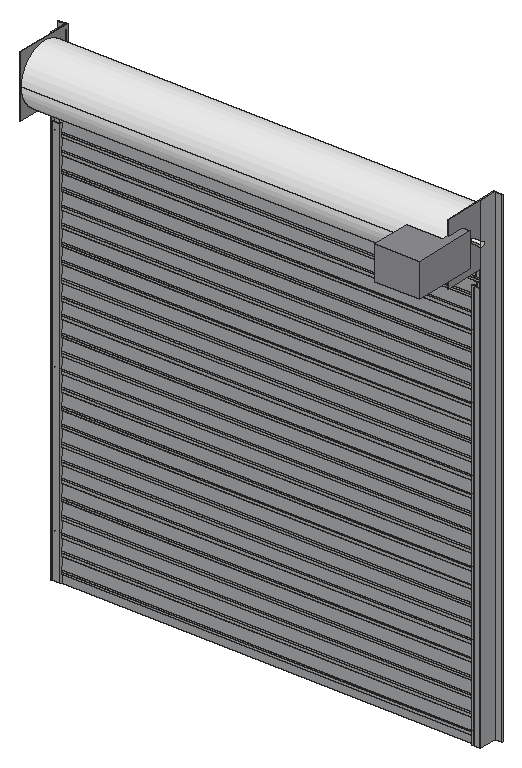
Revit family "Doors_Industrial_Overhead-Door-Corporation_Upward-Coiling-Security-Grilles-674_", category Specialty Equipment, host Wall, Revit 2019
Family settings
  Host = Wall
  Round Connector Dimension = Use Diameter
  Part Type = Normal
  OmniClass Number = 23.30.10.21.34
  OmniClass Title = Industrial Doors
  Always vertical = Yes
  Cut with Voids When Loaded = Yes
  Shared = No
  Room Calculation Point = No
Parameters (values of type "115 volts, one phase, 60 Hz (110-120V range)")
  Warning Sign [instance] = if(Calculated Area > 683.00 SF, 1 = 1, 1 = 2)  # no
  Warning (Note) [instance] = if(Warning Sign, "The Door Area is out of the limit; please adjust accordingly. The maximum allowed area is 683 sq. ft.", if(Opening Height > 360", "Headroom Clearance Dimensions - out of the limits. Consult Factory", " "))  # " "
  Wall Thickness [instance] = 6"
  Voltage = 115 V
  True Opening Width [instance] = if(Between Jambs Mounting, Door Width True, Clear Width)  # 120"
  True Opening Height [instance] = if(Between Jambs Mounting, Clear Height + Headroom Height, Clear Height)  # 120"
  M2 Value [instance] = if(Face Of Wall Mounting, 4 3/4", 5 1/2")  # 4 3/4"
  Jambs Offset 2 [instance] = if(Between Jambs Mounting, BJ Displacement Real 2 + G Value, 0")  # 0"
  Door Half 1 [instance] = if(Between Jambs Mounting, Clear Width / 2 + BJ Displacement Real 1 + G Value, Clear Width / 2 + M1 Value)  # 64 3/4"
  Curtain Type [instance] = "Perforated"  # constant formula
  Slat Length [instance] = Clear Width + G Value * 2 - 1" / 2 * 2  # 124"
  Slat Height [instance] = 14 73/256"  # constant formula
  Product Page URL = "https://www.overheaddoor.com/upward-coiling-security-grilles-674"
  Power Factor = 1
  Powder Coat (Note) = "PowderGuard® Premium powder coat finish options are available in approximately 200 colors as well as custom matching to specification. PowderGuard® Textured finish, a thicker, more scratch resistant coat, is available in 11 colors providing enhanced scratch resistance as well as aiding in hiding the dirt and blemishes that often occur in commercial environments.​"  # constant formula
  Operator Visibility = yes
  Operation (Note) [instance] = "Door could operate by manual push, crank, electrical operator or chain hoist. Manual push up and crank could be used up to 80 sf, for larger door sizes you have to use Chain Hoist operator."  # constant formula
  Opening Width Real [instance] = if(Opening Width > Max Opening Width, Max Opening Width, if(Opening Width < Min Opening Width, Min Opening Width, Opening Width))  # 120"
  Opening Width [instance] = 120"
  Opening Height Real [instance] = if(Opening Height > Max Opening Height, Max Opening Height, if(Opening Height < Min Opening Height, Min Opening Height, Opening Height))  # 120"
  Opening Height [instance] = 120"
  One Array element [instance] = not(Array Vis)  # no
  Number of Poles = 1
  Motor Type [instance] = if(Between Jambs Mounting, if(Motor Option < 2, "CDX", if(Motor Option = 2, "E-Egress", if(Motor Option = 3, "RSX Front of Hood", "RSX Top of Hood"))), if(Motor Option < 2, "CDX", if(Motor Option = 2, "E-Egress", if(Motor Option = 3, "RSX Front of Hood", if(Motor Option = 4, "RSX Top of Hood", if(Motor Option = 5, "RSX Wall Mount", "RSX Bench Mount"))))))  # "CDX"
  Motor Selection (Note) [instance] = "Generic operator shown. Contact Overhead Door when dimensions are critical. "  # constant formula
  Motor Position [instance] = M1 Value - G Value  # 2 1/4"
  Motor Option Real [instance] = if(Between Jambs Mounting, if(Motor Option < 1, 1, if(Motor Option > 4, 4, Motor Option)), if(Motor Option < 1, 1, if(Motor Option > 6, 6, Motor Option)))  # 1
  Motor Option [instance] = 1
  Min Opening Width [instance] = 76"  # constant formula
  Min Opening Height [instance] = 76"  # constant formula
  Max Opening Width [instance] = 364"  # constant formula
  Max Opening Height [instance] = 208"  # constant formula
  M1 Value [instance] = if(Face Of Wall Mounting, 4 3/4", if(Chain Hoist or Manual, 5 1/2", 9 1/2"))  # 4 3/4"
  Lookup BD (A) [instance] = if(or(Opening Height Real < 79", Opening Height Real = 79"), 15", if(or(Opening Height Real < 130", Opening Height Real = 130"), 17", if(or(Opening Height Real < 190", Opening Height Real = 190"), 19", if(or(Opening Height Real < 234", Opening Height Real = 234"), 21", if(or(Opening Height Real < 270", Opening Height Real = 270"), 23", 25")))))  # 17"
  Jambs Offset 1 [instance] = if(Between Jambs Mounting, BJ Displacement Real 1 + G Value, 0")  # 0"
  Installation Real [instance] = if(Between Jambs Mounting, if((Wall Thickness / 2 - Guid Depth / 2) < 0", 0", Wall Thickness / 2 - Guid Depth / 2), Wall Thickness)  # 6"
  Hood Type [instance] = if(Hood Option < 2, "No Hood", if(Hood Option = 2, "Square Hood", if(Hood Option = 3, "Octagon Hood", "Round Hood")))  # "No Hood"
  Hood Option [instance] = 1
  Hood Offset [instance] = if(Chain Hoist or Manual, 3", 5")  # 5"
  Hood Material [instance] = Metal - Overhead Door - Gray
  Hood Height [instance] = [Lookup HH (B)]  # 18"
  Lookup HH (B) [instance] = if(or(Opening Height Real < 79", Opening Height Real = 79"), 16", if(or(Opening Height Real < 130", Opening Height Real = 130"), 18", if(or(Opening Height Real < 190", Opening Height Real = 190"), 20", if(or(Opening Height Real < 234", Opening Height Real = 234"), 22", if(or(Opening Height Real < 270", Opening Height Real = 270"), 24", 26")))))  # 18"
  Headroom Height Real [instance] = [Lookup HH (B)] + Hood Offset  # 23"
  Headroom Height [instance] = if(Between Jambs Mounting, Headroom Height Real, if(Hood Option > 1, Headroom Height Real + 1 1/2", Headroom Height Real))  # 23"
  Guide Type [instance] = if(Between Jambs Mounting, "Angled Between Jambs Z Guide", "Angled Z Guide")  # "Angled Z Guide"
  Guide Option [instance] = if(Between Jambs Mounting, 1, 2)  # 2
  Guid Depth [instance] = if(Between Jambs Mounting, D Value + 1/4", D Value)  # 5 1/2"
  G Value [instance] = 2 1/2"  # constant formula
  Frequency = 60 Hz
  Face of Wall Offset [instance] = if(Between Jambs Mounting, 0", 5")  # 5"
  Face Of Wall Mounting [instance] = not(Between Jambs Mounting)  # yes
  Door Width True [instance] = if(Between Jambs Mounting, Clear Width + BJ Displacement Real 1 + BJ Displacement Real 2 + G Value * 2, Clear Width + M1 Value + M2 Value)  # 129 1/2"
  Door Width (Real) [instance] = if(Between Jambs Mounting, Clear Width, Clear Width + 1" / 2)  # 120 1/2"
  Door Height True [instance] = Clear Height + Headroom Height  # 143"
  Door Height (Real) [instance] = Clear Height + Hood Offset  # 125"
  URL = "https://www.overheaddoor.com/"
  Product data url = "https://www.bimobject.com/overhead-door/product/upward-coiling-security-grilles-674"
  Product Guid = "3a0baff3-2843-4a5d-9b17-2c4668db9905"
  Model = "674"  # constant formula
  Manufacturer = "Overhead Door Corporation"  # constant formula
  Wall Closure = By host
  Floor To (CL) of Shaft [instance] = Clear Height + Hood Height / 2 + Hood Offset  # 134"
  Finish Material = Metal - Overhead Door - Aluminum
  Description = "Model 674 Security Grille"  # constant formula
  D Value [instance] = 5 1/2"  # constant formula
  Curtain Material [instance] = Metal - Overhead Door - Aluminum
  Clear Width [instance] = if(Between Jambs Mounting, Opening Width Real - BJ Displacement Real 1 - BJ Displacement Real 2 - G Value * 2, Opening Width Real)  # 120"
  Clear Height [instance] = if(Between Jambs Mounting, Opening Height Real - Headroom Height, Opening Height Real)  # 120"
  Chain Hoist or Manual = no
  Current = 20 A
  Between Jambs Mounting [instance] = no
  Between Jambs Guides Offset 2 [instance] = M2 Value - G Value  # 2 1/4"
  Between Jambs Guides Offset 1 [instance] = M1 Value - G Value  # 2 1/4"
  Bar [instance] = if(and(Hood Option > 1, Face Of Wall Mounting), 1 = 1, 1 = 2)  # no
  Backroom Depth [instance] = [Lookup BD (A)]  # 17"
  BJ Opening Cut [instance] = if(Between Jambs Mounting, Headroom Height, 0")  # 0"
  BJ Displacement Real 2 [instance] = if(Between Jambs Mounting, Between Jambs Guides Offset 2, 0")  # 0"
  BJ Displacement Real 1 [instance] = if(Between Jambs Mounting, Between Jambs Guides Offset 1, 0")  # 0"
  Array Vis [instance] = if(Array < 2, 1 = 2, 1 = 1)  # yes
  Array Real [instance] = if(Array < 2, 2, Array)  # 9
  Array Length [instance] = (Array) * Slat Height  # 128 145/256"
  Array [instance] = rounddown(([Door Height (Real)] - 3") / Slat Height) + 1  # 9
  Calculated Area [instance] = [Door Width (Real)] * [Door Height (Real)]  # 104.601 SF
  Apparent Load Phase 3 = if(Number of Poles = 1, 0 VA, (Voltage * Current * sqrt(3)) / 3)  # 0 VA
  Apparent Load Phase 2 = if(Number of Poles = 1, 0 VA, (Voltage * Current * sqrt(3)) / 3)  # 0 VA
  Apparent Load Phase 1 = if(Number of Poles = 1, Voltage * Current, (Voltage * Current * sqrt(3)) / 3)  # 2300 VA
Reference planes (in)
  plane 1 "Center (Front/Back)": y = -14.625
  plane 2 "Center (Left/Right)": x = 0
  plane 3 "Left": x = -60
  plane 4 "Right": x = 60
  plane 5 "Exterior": y = -8.625
  plane 6 "Interior": y = -14.625
  plane 7: x = 64.75
  plane 8: x = -64.75
  plane 9: z = 120
  plane 10 "Main": y = -19.75
  plane 11 "Backroom Depth": y = -32.125
  plane 12 "Main Door Block": y = -15.125
  plane 13 "Bottom Bar": z = 2.75
  plane 14: y = -20.125
  plane 15: z = 131.31641
  plane 16: z = 143
  plane 17: z = 125
  plane 18: z = 144.5
  plane 19: z = 0
  plane 20: z = 60
  plane 21: y = -19.625
  plane 22: y = 18.375
  plane 23: y = -41.625
  plane 24 "Headroom Top": z = 143
  plane 25: z = 134
  plane 26: x = 62.5
  plane 27: x = -62.5
  plane 28: z = 117.03125
Forms (in)
  Extrusion 1, void
    sketch origin (0, -15.125, 0) x (0, 0, -1) y (-1, 0, 0)
      loop
        line (-120, 60) -> (-120, -60) -> (0, -60) -> (0, 60) -> (-120, 60)
    from 0.5 to 6.5
  Extrusion 2, solid, material "Metal - Overhead Door - Gray" <- "Hood Material", visible <- "Bar"
    sketch origin (0, 0, 0) x (0, 1, 0) y (0, 0, 1)
      loop
        line (-14.875, 143) -> (-14.625, 143) -> (-14.625, 144.5) -> (-14.875, 144.5) -> (-14.875, 143)
    from -62.25 to 62.25
Lines and regions (in)
  symbolic lines, visible <- "Bar"
    curve 1: line (62.25, -14.625, 0) -> (-62.25, -14.625, 0)
    curve 2: line (-62.25, -14.875, 0) -> (62.25, -14.875, 0)
Text (in)
  text "Exterior" at (-74.96733, 27.31104, 0), in view "Ref. Level"
  text "Interior" at (-74.96733, -25.14366, 0), in view "Ref. Level"
  text "Exterior" at (0, 40.15149, 123.01588), in view "Right"
  text "Interior" at (0, -64.39139, 123.01588), in view "Right"
  text "Interior" at (0, -31.01599, 123.00693), in view "Left"
  text "Exterior" at (0, 54.57065, 123.00693), in view "Left"
Dimensions and locks (in)
  equal spacing: plane 3 "Left", plane 2 "Center (Left/Right)", plane 4 "Right"
  "Clear Width": plane 3 "Left" to plane 4 "Right"
  level to host wall = 459.59655"
  "Clear Height": level to plane 9
  plane 7 to plane 8 = 129 1/2"
  locked: plane 13 "Bottom Bar" to level at 2.75
  "Door Width True": plane 7 to plane 8
  locked: plane 14 to plane 10 "Main" at 0.375
  "Array Length": plane 15 to plane 13 "Bottom Bar"
  "Backroom Depth": plane 11 "Backroom Depth" to plane 12 "Main Door Block"
  "Hood Height": plane 16 to plane 17
  locked: plane 18 to plane 16 at 1.5
  locked: Extrusion 2 sketch curve to Extrusion 2 sketch curve at 0.25
  "Installation Real": plane 1 "Center (Front/Back)" to plane 5 "Exterior"
  "Wall Thickness": host wall to host wall
  equal spacing: plane 9, plane 20, plane 19
  equal spacing: plane 22, host wall, plane 23
  locked: plane 22 to plane 23 at 60
  "BJ Opening Cut": Extrusion 1 sketch curve to plane 9
  locked: Extrusion 2 sketch curve to Extrusion 2 sketch curve at 1.5
  "Hood Offset": plane 17 to plane 9
  "Headroom Height": plane 24 "Headroom Top" to plane 9
  "Floor To (CL) of Shaft": plane 25 to level
  "Jambs Offset 1": plane 4 "Right" to Extrusion 1 sketch curve
  "Jambs Offset 2": Extrusion 1 sketch curve to plane 3 "Left"
  "Between Jambs Guides Offset 1": plane 7 to plane 26
  "Between Jambs Guides Offset 2": plane 27 to plane 8
  locked: plane 27 to Extrusion 2 at 0.25
  locked: Extrusion 2 to plane 26 at 0.25
  "Guid Depth": plane 14 to plane 1 "Center (Front/Back)"
  "Slat Height": plane 15 to plane 28
  equal spacing: group 1, group 3, group 4, group 5, group 6, group 7, group 8, group 9, group 2  (x3)
  locked: plane 14 to plane 21 at 0.5
  "Door Half 1": plane 7 to plane 2 "Center (Left/Right)"
  aligned and locked: plane 5 "Exterior" to host wall
  aligned and locked: host wall to plane 6 "Interior"
  aligned and locked: level to Extrusion 1 sketch curve
  aligned and locked: Extrusion 1 to plane 5 "Exterior"
  aligned and locked: plane 6 "Interior" to Extrusion 1
  aligned and locked: nested 1 to plane 2 "Center (Left/Right)"
  aligned and locked: plane 16 to nested 2
  aligned and locked: nested 1 to level
  aligned and locked: Extrusion 2 sketch curve to plane 18
  aligned and locked: Extrusion 2 sketch curve to plane 6 "Interior"
  aligned and locked: curve 1 to Extrusion 2  (x2)
  aligned and locked: curve 2 to Extrusion 2  (x2)
  aligned and locked: Extrusion 2 to curve 2
  aligned and locked: plane 5 "Exterior" to nested 2
  aligned and locked: level to plane 19
  aligned and locked: nested 1 to plane 1 "Center (Front/Back)"
  aligned and locked: plane 2 "Center (Left/Right)" to nested 3
  aligned and locked: nested 3 to plane 22
  aligned and locked: plane 23 to nested 4
  aligned and locked: nested 4 to plane 2 "Center (Left/Right)"
  aligned and locked: nested 5 to plane 20
  aligned and locked: plane 2 "Center (Left/Right)" to nested 5
  aligned and locked: nested 2 to plane 26
  aligned and locked: plane 13 "Bottom Bar" to nested 6
  aligned and locked: plane 28 to nested 7
  aligned and locked: nested 5 to plane 21
  aligned and locked: nested 6 to plane 10 "Main"
  aligned and locked: nested 7 to plane 10 "Main"
Automatic sketch dimensions
  curve 1 to curve 2 = 0"
Nested families (in)
  nested 1: "Lifts" at (0, -14.625, 0), type "Frame Unit"
    with Square Hood no, Round Hood no, Octagon Hood no
  nested 2: "Motor" at (62.0605, -31.625, 125), visible <- "Operator Visibility", type "Trolley Motor"
    with Not Chain Hoist no, Not Bench + Top yes, Horizontal Mount 0", Vertical Mount 18", Motor Option 1, Hood Mount 6.81", Face+Top no, Face Mount RSX no, Face + Top + Bench no, E-Egress no, Chain V Offset 9", Chain H Offset 0", CH Real no, CDX yes
  nested 3: "Label Annotation 1" at (0, 18.375, 0), visible <- "Warning Sign", type "Label Annotation 1"
  nested 4: "Label Annotation 1" at (0, -41.625, 0) x (-1, 0, 0) z (0, 0, 1), visible <- "Warning Sign", type "Label Annotation 1"
  nested 5: "Warning Sign" at (0, -19.625, 60), visible <- "Warning Sign", type "Warning Sign"
    with Warning Sign no
  nested 6: "626" at (0, -19.75, 2.75), visible <- "Array Vis", Opening Width <- "Slat Length", type "Standard - Gray"
    with Void Offset 3/8", Void Height 3.544", Slat Width 0.438", Slat Position + Offset 16.658", Slat Position 14.286", Slat Option 1, Opening Width 124", Cutout Width Offset 1", Cutout Vertical Offset 2.372", Cutout Thickness 3/4", Cutout Horizontal Offset 1"
  nested 7: "626" at (0, -19.75, 117.03125), visible <- "Array Vis", Opening Width <- "Slat Length", type "Standard - Gray"
    with Void Offset 3/8", Void Height 3.544", Slat Width 0.438", Slat Position + Offset 16.658", Slat Position 14.286", Slat Option 1, Opening Width 124", Cutout Width Offset 1", Cutout Vertical Offset 2.372", Cutout Thickness 3/4", Cutout Horizontal Offset 1"
  nested 8: "626" at (0, -19.75, 17.03516), visible <- "Array Vis", Opening Width <- "Slat Length", type "Standard - Gray"
    with Void Offset 3/8", Void Height 3.544", Slat Width 0.438", Slat Position + Offset 16.658", Slat Position 14.286", Slat Option 1, Opening Width 124", Cutout Width Offset 1", Cutout Vertical Offset 2.372", Cutout Thickness 3/4", Cutout Horizontal Offset 1"
  nested 9: "626" at (0, -19.75, 31.32031), visible <- "Array Vis", Opening Width <- "Slat Length", type "Standard - Gray"
    with Void Offset 3/8", Void Height 3.544", Slat Width 0.438", Slat Position + Offset 16.658", Slat Position 14.286", Slat Option 1, Opening Width 124", Cutout Width Offset 1", Cutout Vertical Offset 2.372", Cutout Thickness 3/4", Cutout Horizontal Offset 1"
  nested 10: "626" at (0, -19.75, 45.60547), visible <- "Array Vis", Opening Width <- "Slat Length", type "Standard - Gray"
    with Void Offset 3/8", Void Height 3.544", Slat Width 0.438", Slat Position + Offset 16.658", Slat Position 14.286", Slat Option 1, Opening Width 124", Cutout Width Offset 1", Cutout Vertical Offset 2.372", Cutout Thickness 3/4", Cutout Horizontal Offset 1"
  nested 11: "626" at (0, -19.75, 59.89063), visible <- "Array Vis", Opening Width <- "Slat Length", type "Standard - Gray"
    with Void Offset 3/8", Void Height 3.544", Slat Width 0.438", Slat Position + Offset 16.658", Slat Position 14.286", Slat Option 1, Opening Width 124", Cutout Width Offset 1", Cutout Vertical Offset 2.372", Cutout Thickness 3/4", Cutout Horizontal Offset 1"
  nested 12: "626" at (0, -19.75, 74.17578), visible <- "Array Vis", Opening Width <- "Slat Length", type "Standard - Gray"
    with Void Offset 3/8", Void Height 3.544", Slat Width 0.438", Slat Position + Offset 16.658", Slat Position 14.286", Slat Option 1, Opening Width 124", Cutout Width Offset 1", Cutout Vertical Offset 2.372", Cutout Thickness 3/4", Cutout Horizontal Offset 1"
  nested 13: "626" at (0, -19.75, 88.46094), visible <- "Array Vis", Opening Width <- "Slat Length", type "Standard - Gray"
    with Void Offset 3/8", Void Height 3.544", Slat Width 0.438", Slat Position + Offset 16.658", Slat Position 14.286", Slat Option 1, Opening Width 124", Cutout Width Offset 1", Cutout Vertical Offset 2.372", Cutout Thickness 3/4", Cutout Horizontal Offset 1"
  nested 14: "626" at (0, -19.75, 102.74609), visible <- "Array Vis", Opening Width <- "Slat Length", type "Standard - Gray"
    with Void Offset 3/8", Void Height 3.544", Slat Width 0.438", Slat Position + Offset 16.658", Slat Position 14.286", Slat Option 1, Opening Width 124", Cutout Width Offset 1", Cutout Vertical Offset 2.372", Cutout Thickness 3/4", Cutout Horizontal Offset 1"
Connectors (in)
  electrical at (65.0485, -30.23077, 135.5698), driven by "Apparent Load Phase 1", driven by "Power Factor", driven by "Voltage", driven by "Apparent Load Phase 2", driven by "Apparent Load Phase 3", driven by "Number of Poles"
    settings: on nested 2, index 1, voltage 115 V, apparent load 0 VA, apparent load phase1 2300 VA, apparent load phase2 0 VA, apparent load phase3 0 VA, power factor 1, load classification "Other", number of poles 1, system type 31, power factor state 1, is connector primary yes, connector utility no, sub classification motor no, connector description "Electrical Connector"
Definition of nested family "Lifts"
  Parameters (values of type "Frame Unit")
    True Width = if(Between Jambs, Opening Width, Opening Width + 1/2")  # 120 1/2"
    Square Hood [instance] = if(Hood Option = 2, 1 = 1, 1 = 2)  # no
    Slat Option = 1
    Round Hood [instance] = if(Hood Option > 3, 1 = 1, 1 = 2)  # no
    Rough Width = 0"
    Rough Height = 0"
    Octagon Hood [instance] = if(Hood Option = 3, 1 = 1, 1 = 2)  # no
    No Hood = if(Hood Option < 2, 1 = 1, 1 = 2)  # yes
    M2 Value = 4 3/4"
    M1 Value = 4 3/4"
    Hood Type = if(Hood Option < 2, "No Hood", if(Hood Option = 2, "Square Hood", if(Hood Option = 3, "Octagon Hood", "Round Hood")))  # "No Hood"
    Hood Option = 1
    Hood Offset = 5"
    Hood Height = Headroom Height Real - Hood Offset  # 18"
    Headroom Height Real = Headroom Height  # 23"
    Half Octagon Side = (Radius Hood * 2 * tan(180.00° / 8)) / 2  # 3.52082"
    Half Hood Height = Headroom Height - Hood Offset  # 18"
    Guide Z2 Wide = if(Between Jambs, Guide Offset 2 - G Value + BJ Connection Length 2 - BJ2 Displacement * 2 / 3, M2 Value - G Value)  # 2 1/4"
    Guide Z1 Wide = if(Between Jambs, Guide Offset 1 - G Value + BJ Connection Length 1 - BJ1 Displacement * 2 / 3, M1 Value - G Value)  # 2 1/4"
    Guide Offset 2 = BJ2 Displacement + G Value  # 2 1/2"
    Guide Offset 1 = BJ1 Displacement + G Value  # 2 1/2"
    G Value = 2 1/2"
    E2 Guide Width = if(Between Jambs, Guide Offset 2 - G Value + BJ Connection Length 2 - BJ2 Displacement * 2 / 3, 3")  # 3"
    E1 Guide Width = if(Between Jambs, Guide Offset 1 - G Value + BJ Connection Length 1 - BJ1 Displacement * 2 / 3, 3")  # 3"
    E Guide Height = D Value - 1/2"  # 5"
    Z Guide = 1 = 1  # yes
    Slat Material = none
    Shaft Offset = if(Hood Option > 3, (Header Width - (Header Width - Hood Height)) / 2, if(Hood Height < Header Width, (Header Width - (Header Width - Hood Height)) / 2, Header Width / 2))  # 8 1/2"
    Shaft Material = none
    Shaft Length 1 = if(Between Jambs, G Value + BJ1 Displacement, G Value + 3")  # 5 1/2"
    Shaft Length 2 = if(Between Jambs, G Value + BJ2 Displacement, G Value + 3")  # 5 1/2"
    Setback = 0"  # constant formula
    Radius Hood = Shaft Offset  # 8 1/2"
    Opening Width = 120"
    Hood Material = none
    Headroom Height = 23"
    Header Width = 17"
    Opening Height = 120"
    Guide Type = if(Between Jambs, "Angled Between Jambs Z Guide", if(Guide Option > 1, "Angled Z Guide", "Angled E Guide"))  # "Angled Z Guide"
    Guide Option = if(Between Jambs, 1, 2)  # 2
    Guide Z Height = D Value  # 5 1/2"
    Floor To (CL) of Shaft = 134"
    Finish Material = none
    Face to Wall Mount = not(Between Jambs)  # yes
    E Guide = if(Between Jambs, 1 = 1, 1 = 2)  # no
    D Value = 5 1/2"
    Custom Hood = not(No Hood)  # no
    Between Jambs = no
    BJ2 Displacement = 0"
    BJ1 Displacement = 0"
    BJ Position = if(Between Jambs, 1/4", 0")  # 0"
    BJ Connection Length 2 = 1 / 3 * BJ2 Displacement  # 0"
    BJ Connection Length 1 = 1 / 3 * BJ1 Displacement  # 0"
    Angled Guide = 1 = 1  # yes
  Reference planes (in)
    plane 1 "Center (Front/Back)": y = 0
    plane 2: z = 0
    plane 3 "Center (Left/Right)": x = 0
    plane 4 "Opening Height": z = 120
    plane 5: x = -65.5
    plane 6: x = 65.5
    plane 7: z = 143
    plane 8: y = 17
    plane 9 "Real Opening 2": x = -60
    plane 10 "Real Opening 1": x = 60
    plane 11: z = 125
    plane 12 "Main": y = 0
    plane 13: z = 134
    plane 14: y = 8.5
    plane 15: x = 62.5
    plane 16: x = -62.5
    plane 17: x = -62.5
    plane 18: x = 62.5
    plane 19: y = 5.5
    plane 20: x = -62.25
    plane 21: x = 62.25
    plane 22: y = 8.5
    plane 23: z = 144.5
    plane 24: y = 5.5
    plane 25: y = 4.75
    plane 26: y = 5.5
    plane 27: y = 4.75
    plane 28: y = 8.5
  Forms (in)
    Extrusion 1, solid, material <- "Slat Material"
      sketch origin (0, 0, 0) x (0, 1, 0) y (0, 0, 1)
        loop
          line (5, 2.375) -> (5, 2.75) -> (4.5, 2.75) -> (4.5, 2.375) -> (5, 2.375)
      from -62.25 to 62.25
    Extrusion 2, solid, material <- "Slat Material"
      sketch origin (0, 0, 0) x (0, 1, 0) y (0, 0, 1)
        loop
          line (5, 2.375) -> (4.5, 2.375) -> (4.5, 0) -> (5, 0) -> (5, 2.375)
      from -62.25 to 62.25
    Extrusion 3, solid, material <- "Shaft Material"
      sketch origin (0, -5.35201, 0) x (0, 1, 0) y (0, 0, 1)
        loop
          circle (13.85201, 134) r 0.6
      from -65.5 to 65.5
    Extrusion 4, solid, material <- "Hood Material", visible <- "Square Hood"
      sketch origin (0, 0, 0) x (0, 1, 0) y (0, 0, 1)
        loop
          line (0, 125) -> (17, 125) -> (17, 143) -> (0, 143) -> (0, 125)
      from -62.25 to 62.25
    Extrusion 5, solid, material <- "Hood Material", visible <- "Round Hood"
      sketch origin (0, 0, 0) x (0, 1, 0) y (0, 0, 1)
        loop
          line (0, 143) -> (0, 125) -> (8.5, 125)
          arc (8.5, 125) -> (17.5, 134) -> (8.5, 143) r 9
          line (8.5, 143) -> (0, 143)
      from -62.25 to 62.25
    Extrusion 6, solid, material <- "Finish Material", visible <- "E Guide"
      sketch origin (0, 0, 0) x (1, 0, 0) y (0, 1, 0)
        loop
          line (59.5, 0) -> (62.312, 0)
          arc (62.312, 0) -> (62.44494, 0.05506) -> (62.5, 0.188) r 0.188
          line (62.5, 0.188) -> (62.5, 5) -> (62.25, 5) -> (62.25, 0.25) -> (59.5, 0.25) -> (59.5, 0)
        loop
          line (-59.5, 0) -> (-59.5, 0.25) -> (-62.25, 0.25) -> (-62.25, 5) -> (-62.5, 5) -> (-62.5, 0.188)
          arc (-62.5, 0.188) -> (-62.44494, 0.05506) -> (-62.312, 0) r 0.188
          line (-62.312, 0) -> (-59.5, 0)
      from 0 to 143
    Extrusion 7, solid, material <- "Finish Material", visible <- "Z Guide"
      sketch origin (0, 0, 0) x (1, 0, 0) y (0, 1, 0)
        loop
          line (64.75, 0) -> (64.75, 0.25) -> (62.75, 0.25) -> (62.75, 5.5) -> (62.5, 5.5) -> (62.5, 0.188)
          arc (62.5, 0.188) -> (62.55506, 0.05506) -> (62.688, 0) r 0.188
          line (62.688, 0) -> (64.75, 0)
        loop
          line (-64.75, 0) -> (-62.688, 0)
          arc (-62.688, 0) -> (-62.55506, 0.05506) -> (-62.5, 0.188) r 0.188
          line (-62.5, 0.188) -> (-62.5, 5.5) -> (-62.75, 5.5) -> (-62.75, 0.25) -> (-64.75, 0.25) -> (-64.75, 0)
      from 0 to 143
    Extrusion 8, solid, material <- "Finish Material", visible <- "Angled Guide"
      sketch origin (0, 0, 0) x (1, 0, 0) y (0, 1, 0)
        loop
          line (60, 5.5) -> (60, 5) -> (60.5625, 5) -> (60.5625, 5.3125) -> (62.3125, 5.3125) -> (62.3125, 4.1875) -> (60.5625, 4.1875) -> (60.5625, 4.5) -> (60, 4.5) -> (60, 4) -> (62.5, 4) -> (62.5, 5.5) -> (60, 5.5)
        loop
          line (-60, 5.5) -> (-62.5, 5.5) -> (-62.5, 4) -> (-60, 4) -> (-60, 4.5) -> (-60.5625, 4.5) -> (-60.5625, 4.1875) -> (-62.3125, 4.1875) -> (-62.3125, 5.3125) -> (-60.5625, 5.3125) -> (-60.5625, 5) -> (-60, 5) -> (-60, 5.5)
      from 0 to 120
    Extrusion 9, solid, material <- "Hood Material"
      sketch origin (0, 0, 0) x (-1, 0, 0) y (0, 0, 1)
        loop
          line (62.25, 125) -> (62.5, 125) -> (62.5, 143) -> (62.25, 143) -> (62.25, 125)
        loop
          line (-62.5, 125) -> (-62.25, 125) -> (-62.25, 143) -> (-62.5, 143) -> (-62.5, 125)
      from 0 to 17
    Extrusion 10, solid, material <- "Shaft Material", visible <- "No Hood"
      sketch origin (0, 0, 0) x (0, 1, 0) y (0, 0, 1)
        loop
          circle (8.5, 134) r 8.5
      from -62.25 to 62.25
    Extrusion 11, solid, material <- "Hood Material", visible <- "Octagon Hood"
      sketch origin (0, 0, 0) x (0, 1, 0) y (0, 0, 1)
        loop
          line (0, 143) -> (0, 125) -> (12.02082, 125) -> (17, 130.47918) -> (17, 137.52082) -> (12.02082, 143) -> (0, 143)
      from -62.25 to 62.25
  Lines and regions (in)
    Masking region 1
      outline origin (0, 0, 0) x (1, 0, 0) y (0, 1, 0)
        loop
          line (65.5, 9.1) -> (62.5, 9.1) -> (62.5, 7.9) -> (65.5, 7.9) -> (65.5, 9.1)
        loop
          line (-65.5, 7.9) -> (-62.5, 7.9) -> (-62.5, 9.1) -> (-65.5, 9.1) -> (-65.5, 7.9)
    Masking region 2, visible <- "Z Guide"
      outline origin (0, 0, 0) x (1, 0, 0) y (0, 1, 0)
        loop
          line (-62.5, 0.188) -> (-62.5, 5.5) -> (-62.75, 5.5) -> (-62.75, 0.25) -> (-64.75, 0.25) -> (-64.75, 0) -> (-62.688, 0)
          arc (-62.688, 0) -> (-62.55506, 0.05506) -> (-62.5, 0.188) r 0.188
        loop
          line (62.5, 5.5) -> (62.5, 0.188)
          arc (62.5, 0.188) -> (62.55506, 0.05506) -> (62.688, 0) r 0.188
          line (62.688, 0) -> (64.75, 0) -> (64.75, 0.25) -> (62.75, 0.25) -> (62.75, 5.5) -> (62.5, 5.5)
    Masking region 3, visible <- "E Guide"
      outline origin (0, 0, 0) x (1, 0, 0) y (0, 1, 0)
        loop
          line (62.5, 0.188) -> (62.5, 5) -> (62.25, 5) -> (62.25, 0.25) -> (59.5, 0.25) -> (59.5, 0) -> (62.312, 0)
          arc (62.312, 0) -> (62.44494, 0.05506) -> (62.5, 0.188) r 0.188
        loop
          line (-62.25, 0.25) -> (-62.25, 5) -> (-62.5, 5) -> (-62.5, 0.188)
          arc (-62.5, 0.188) -> (-62.44494, 0.05506) -> (-62.312, 0) r 0.188
          line (-62.312, 0) -> (-59.5, 0) -> (-59.5, 0.25) -> (-62.25, 0.25)
    Masking region 4, visible <- "No Hood"
      outline origin (0, 0, 0) x (1, 0, 0) y (0, 1, 0)
        loop
          line (-62.25, 17) -> (-62.25, 0) -> (62.25, 0) -> (62.25, 17) -> (-62.25, 17)
    Masking region 5, visible <- "Custom Hood"
      outline origin (0, 0, 0) x (1, 0, 0) y (0, 1, 0)
        loop
          line (-62.25, 17) -> (-62.25, 0) -> (62.25, 0) -> (62.25, 17) -> (-62.25, 17)
    Masking region 6
      outline origin (0, 0, 0) x (1, 0, 0) y (0, 1, 0)
        loop
          line (-62.5, 17) -> (-62.5, 0) -> (-62.25, 0) -> (-62.25, 17) -> (-62.5, 17)
        loop
          line (62.25, 17) -> (62.25, 0) -> (62.5, 0) -> (62.5, 17) -> (62.25, 17)
    symbolic lines
      curve 1: line (-62.25, 0, 0) -> (-62.25, 17, 0)
      curve 2: line (62.25, 17, 0) -> (62.25, 0, 0)
    symbolic lines, visible <- "Octagon Hood"
      curve 3: line (-62.25, 12.02082, 0) -> (62.25, 12.02082, 0)
  Dimensions and locks (in)
    Extrusion 1 sketch curve to level = 2 3/8"
    locked: Extrusion 1 sketch curve to Extrusion 1 sketch curve at 0.5
    locked: Extrusion 2 sketch curve to level at 2.375
    "Headroom Height Real": plane 7 to plane 4 "Opening Height"
    plane 8 to plane 1 "Center (Front/Back)" = 17"
    "Radius Hood": Extrusion 5 sketch curve to plane 8
    "Opening Height": plane 4 "Opening Height" to level
    "Hood Offset": plane 11 to plane 4 "Opening Height"
    "BJ Position": plane 12 "Main" to plane 1 "Center (Front/Back)"
    "Header Width": plane 12 "Main" to plane 8
    "Floor To (CL) of Shaft": plane 13 to level
    "Shaft Offset": Extrusion 3 sketch curve to plane 8
    locked: Extrusion 2 sketch curve to Extrusion 2 sketch curve at 0.5
    "Shaft Offset": plane 8 to plane 14
    locked: Masking region 1 sketch curve to Masking region 1 sketch curve at 1.2
    locked: Masking region 1 sketch curve to plane 14 at 0.6
    "Guide Offset 1": plane 10 "Real Opening 1" to plane 15
    "Guide Offset 2": plane 16 to plane 9 "Real Opening 2"
    locked: Extrusion 6 sketch curve to Extrusion 6 sketch curve at 0.25  (x4)
    "E Guide Height": Extrusion 6 sketch curve to Extrusion 6 sketch curve  (x2)
    "E1 Guide Width": Extrusion 6 sketch curve to Extrusion 6 sketch curve
    "E2 Guide Width": Extrusion 6 sketch curve to Extrusion 6 sketch curve
    locked: Extrusion 7 sketch curve to Extrusion 7 sketch curve at 0.25  (x4)
    "Guide Z1 Wide": Extrusion 7 sketch curve to Extrusion 7 sketch curve
    "Guide Z Height": Extrusion 7 sketch curve to Extrusion 7 sketch curve  (x2)
    "Guide Z2 Wide": Extrusion 7 sketch curve to Extrusion 7 sketch curve
    "G Value": Extrusion 7 sketch curve to plane 9 "Real Opening 2"
    "G Value": plane 10 "Real Opening 1" to Extrusion 7 sketch curve
    "G Value": plane 10 "Real Opening 1" to plane 18
    "G Value": plane 17 to plane 9 "Real Opening 2"
    "Shaft Length 2": plane 5 to plane 9 "Real Opening 2"
    "Shaft Length 1": plane 6 to plane 10 "Real Opening 1"
    locked: Extrusion 2 to plane 18 at 0.25
    locked: Extrusion 2 to plane 17 at 0.25
    locked: plane 17 to plane 20 at 0.25
    locked: plane 21 to plane 18 at 0.25
    "Shaft Offset": Extrusion 10 sketch curve to plane 8
    plane 13 to plane 11 = 9"
    plane 7 to plane 13 = 9"
    "Shaft Offset": plane 22 to plane 8
    "Half Octagon Side": Extrusion 11 sketch curve to plane 13
    "Half Octagon Side": plane 13 to Extrusion 11 sketch curve
    "Half Octagon Side": plane 22 to Extrusion 11 sketch curve  (x2)
    equal spacing: plane 9 "Real Opening 2", plane 3 "Center (Left/Right)", plane 10 "Real Opening 1"
    "Opening Width": plane 9 "Real Opening 2" to plane 10 "Real Opening 1"
    locked: plane 23 to plane 7 at 1.5
    "D Value": plane 1 "Center (Front/Back)" to plane 19
    "D Value": plane 24 to plane 1 "Center (Front/Back)"
    locked: plane 24 to plane 25 at 0.75
    equal spacing: Extrusion 1 sketch curve, plane 25, Extrusion 1 sketch curve
    "D Value": plane 26 to plane 1 "Center (Front/Back)"
    locked: plane 26 to plane 27 at 0.75
    equal spacing: Extrusion 2 sketch curve, plane 27, Extrusion 2 sketch curve
    locked: Extrusion 8 sketch curve to Extrusion 8 sketch curve at 0.5  (x4)
    locked: Extrusion 8 sketch curve to Extrusion 8 sketch curve at 1.5  (x2)
    locked: Extrusion 8 sketch curve to Extrusion 8 sketch curve at 0.5625  (x2)
    locked: Extrusion 8 sketch curve to Extrusion 8 sketch curve at 0.1875  (x6)
    "Setback": Extrusion 8 sketch curve to plane 9 "Real Opening 2"
    "G Value": Extrusion 8 sketch curve to Extrusion 8 sketch curve  (x2)
    "Setback": plane 10 "Real Opening 1" to Extrusion 8 sketch curve
    "Shaft Offset": plane 8 to plane 28
    "Radius Hood": plane 28 to Masking region 4 sketch curve
    "Radius Hood": radius of Extrusion 10 sketch curve
    locked: Extrusion 7 sketch curve to Extrusion 7 sketch curve (radius 0.188")  (x2)
    locked: Extrusion 6 sketch curve to Extrusion 6 sketch curve (radius 0.188")  (x2)
    aligned and locked: plane 2 to level
    aligned and locked: plane 5 to Extrusion 3
    aligned and locked: Extrusion 3 to plane 6
    aligned and locked: Extrusion 4 sketch curve to plane 7
    aligned and locked: Extrusion 4 sketch curve to plane 8
    aligned and locked: Extrusion 5 sketch curve to plane 7
    aligned and locked: plane 13 to Extrusion 3 sketch curve
    aligned and locked: plane 5 to Masking region 1 sketch curve
    aligned and locked: plane 6 to Masking region 1 sketch curve
    aligned and locked: Masking region 1 sketch curve to Masking region 1 sketch curve  (x2)
    aligned and locked: plane 12 "Main" to Extrusion 6 sketch curve  (x2)
    aligned and locked: Extrusion 6 sketch curve to plane 15
    aligned and locked: plane 16 to Extrusion 6 sketch curve
    aligned and locked: Extrusion 7 sketch curve to plane 1 "Center (Front/Back)"  (x2)
    aligned and locked: plane 4 "Opening Height" to Extrusion 8
    aligned and locked: Extrusion 5 sketch curve to plane 12 "Main"
    aligned and locked: plane 12 "Main" to Extrusion 4 sketch curve
    aligned and locked: Extrusion 9 sketch curve to plane 11  (x2)
    aligned and locked: Extrusion 9 sketch curve to plane 7  (x2)
    aligned and locked: plane 17 to Extrusion 9 sketch curve
    aligned and locked: Extrusion 9 sketch curve to plane 18
    aligned and locked: Extrusion 2 to Extrusion 1
    aligned and locked: Extrusion 1 to Extrusion 2
    aligned and locked: Extrusion 9 to curve 1
    aligned and locked: Extrusion 9 to curve 2
    aligned and locked: plane 18 to Masking region 1 sketch curve
    aligned and locked: Masking region 1 sketch curve to plane 17
    aligned and locked: plane 20 to Extrusion 9 sketch curve
    aligned and locked: plane 21 to Extrusion 9 sketch curve
    aligned and locked: plane 20 to Extrusion 4
    aligned and locked: plane 20 to Extrusion 5
    aligned and locked: Extrusion 4 to plane 21
    aligned and locked: Extrusion 5 to plane 21
    aligned and locked: plane 13 to Extrusion 10 sketch curve
    aligned and locked: Extrusion 11 sketch curve to plane 12 "Main"
    aligned and locked: Extrusion 11 sketch curve to plane 7
    aligned and locked: Extrusion 11 sketch curve to plane 11
    aligned and locked: Extrusion 11 sketch curve to plane 8
    aligned and locked: Extrusion 11 to plane 20
    aligned and locked: Extrusion 11 to plane 21
    aligned and locked: plane 20 to Extrusion 10
    aligned and locked: Extrusion 10 to plane 21
    aligned and locked: plane 8 to Extrusion 9
    aligned and locked: Extrusion 11 to curve 3
    aligned and locked: plane 20 to curve 3
    aligned and locked: plane 21 to curve 3
    aligned and locked: plane 7 to Extrusion 7
    aligned and locked: plane 7 to Extrusion 6
    aligned and locked: Extrusion 4 sketch curve to plane 11
    aligned and locked: Extrusion 5 sketch curve to plane 11
    aligned and locked: Extrusion 8 sketch curve to Extrusion 8 sketch curve  (x4)
    aligned and locked: Extrusion 8 sketch curve to plane 19
    aligned and locked: plane 19 to Extrusion 8 sketch curve
    aligned and locked: Masking region 2 sketch curve to Extrusion 7  (x12)
    aligned and locked: Masking region 3 sketch curve to Extrusion 6  (x12)
    aligned and locked: Masking region 4 sketch curve to Extrusion 10  (x2)
    aligned and locked: plane 8 to Masking region 4 sketch curve
    aligned and locked: Masking region 5 sketch curve to Extrusion 4  (x4)
    aligned and locked: Masking region 6 sketch curve to Extrusion 9  (x8)
  Automatic sketch dimensions
    plane 1 "Center (Front/Back)" to curve 2 = 0"
    curve 1 to plane 1 "Center (Front/Back)" = 0"
    curve 2 to plane 8 = 0"
    curve 1 to plane 8 = 0"
    Extrusion 1 sketch curve to Extrusion 1 sketch curve = 3/8"
    Extrusion 2 sketch curve to level = 0"
    radius of Extrusion 3 sketch curve = 0.6"
Definition of nested family "Motor"
  Parameters (values of type "Trolley Motor")
    Wall Mount RSX = if(Chain Hoist, 1 = 2, if(Motor Option = 5, 1 = 1, 1 = 2))  # no
    Top Mount RSX = if(Chain Hoist, 1 = 2, if(Motor Option = 4, 1 = 1, 1 = 2))  # no
    Shaft Material = none
    Real Exterior Wall Offset = if(Wall Mount RSX, Displacement, Exterior Wall Offset)  # 6"
    Not Chain Hoist = not(or(CDX, Chain Hoist))  # yes
    Not Bench + Top = not(or([E-Egress], Top Mount RSX, Chain Hoist, Bench Mount RSX))  # no
    Horizontal Mount = if(or([E-Egress], Face Mount RSX), 5.08" + 0.12" + 2.38", if(Top Mount RSX, 11.19", if(Wall Mount RSX, 5.08", if(Bench Mount RSX, 4.77" + if(or(Hood Width < 14", Hood Width = 14"), 6.13", if(or(Hood Width < 16", Hood Width = 16"), 4.13", 3 1/4")), 0"))))  # 7.58"
    Not Fire King = if(Chain Hoist, 1 = 2, not(Chain Hoist))  # yes
    Vertical Mount = if(or([E-Egress], Face Mount RSX), 11.07" + Hood Height / 2, if(Top Mount RSX, 14.92" - 0.13" - 2.38", if(Wall Mount RSX, 20.03" + 6" + Hood Height / 2, if(Bench Mount RSX, 20" + 2.29" + Hood Height / 2, Hood Height))))  # 20.07"
    Motor Type = if(BJ, if(Motor Option < 2, "CDX", if(Motor Option = 2, "E-Egress", if(Motor Option = 3, "RSX Front of Hood", "RSX Top of Hood"))), if(Motor Option < 2, "CDX", if(Motor Option = 2, "E-Egress", if(Motor Option = 3, "RSX Front of Hood", if(Motor Option = 4, "RSX Top of Hood", if(Motor Option = 5, "RSX Wall Mount", "RSX Bench Mount"))))))  # "E-Egress"
    Motor Option = 2
    Main Material = none
    Hood Width Real = if(Wall Mount RSX, 0", if(Chain Hoist, if(Hood Height < Hood Width, (Hood Width + (Hood Width - Hood Height)) / 2, Hood Width / 2), Hood Width))  # 17"
    Hood Width = 17"
    Hood Material = none
    Hood Height = 18"
    Hood Mount = if(or([E-Egress], Face Mount RSX, Top Mount RSX), 0.37", if(Wall Mount RSX, if(BJ, 12.24" + BJ Displacement, 14.74"), if(Bench Mount RSX, 14.49", if(CDX, 6.81", 4.26"))))  # 0.37"
    Floor To Cl Shaft = 134"
    Fire King RHX = 1 = 2  # no
    Top Option Offset = if(or(Top Mount RSX, Bench Mount RSX), 20", 0")  # 0"
    Face+Top = if(Chain Hoist, 1 = 2, if(or(Face Mount RSX, Top Mount RSX), 1 = 1, 1 = 2))  # yes
    Face Mount RSX = if(Chain Hoist, 1 = 2, if(or(Motor Option = 2, Motor Option = 3), 1 = 1, 1 = 2))  # yes
    Top + Bench = if(Chain Hoist, 1 = 2, if(or(Top Mount RSX, Bench Mount RSX), 1 = 1, 1 = 2))  # no
    Face + Top + Bench = if(Chain Hoist, 1 = 2, if(or(Face Mount RSX, Top Mount RSX, Bench Mount RSX), 1 = 1, 1 = 2))  # yes
    Exterior Wall Offset = 6"
    E-Egress = if(Chain Hoist, 1 = 2, if(Motor Option = 2, 1 = 1, 1 = 2))  # yes
    Displacement = 6"
    Default Elevation = 48"
    Chain V Offset = if(or([E-Egress], Face Mount RSX, Wall Mount RSX), 6.53", if(or(Top Mount RSX, Bench Mount RSX), 18.81", Hood Height / 2))  # 6.53"
    Chain H Offset = if(or(Face Mount RSX, Wall Mount RSX), 1.19", if(or(Top Mount RSX, Bench Mount RSX), 6.53", 0"))  # 1.19"
    Chain Hoist = no
    CH Real = not(CDX)  # yes
    CDX = if(Chain Hoist, 1 = 2, if(Motor Option < 2, 1 = 1, 1 = 2))  # no
    Bench Mount RSX = if(Chain Hoist, 1 = 2, if(Motor Option > 5, 1 = 1, 1 = 2))  # no
    BJ Displacement = 0"
    BJ = no
    Angle = if(or(Bench Mount RSX, Top Mount RSX), 90.00°, 180.00°)  # 180.00°
  Reference planes (in)
    plane 1 "Center (Front/Back)": y = 0
    plane 2: z = 0
    plane 3 "Center (Left/Right)": x = 0
    plane 4: y = 0
    plane 5: y = 1.19
    plane 6: z = -127.47
    plane 7: z = -97.47
    plane 8: z = 6.53
    plane 9 "Chain Hoist": z = 6.53
    plane 10 "Top Of Hood": z = 20.07
    plane 11: y = 7.58
    plane 12: z = 0
    plane 13 "Hood Face": x = 6.8795
    plane 14: x = 7.2495
    plane 15: y = 24.58
    plane 16 "Wall": y = 30.58
  Forms (in)
    Extrusion 1, solid, material <- "Main Material", visible <- "Not Chain Hoist"
      sketch origin (0, 0, 18.8898) x (1, 0, 0) y (0, 1, 0)
        loop
          line (-4.134, -2.41307) -> (4.116, -2.41307) -> (4.116, -2.29347) -> (3.108, -2.29347)
          arc (3.108, -2.29347) -> (3.02315, -2.25832) -> (2.988, -2.17347) r 0.12
          line (2.988, -2.17347) -> (2.988, 4.96193) -> (-2.988, 4.96193) -> (-2.988, -2.17347)
          arc (-2.988, -2.17347) -> (-3.02315, -2.25832) -> (-3.108, -2.29347) r 0.12
          line (-3.108, -2.29347) -> (-4.134, -2.29347) -> (-4.134, -2.41307)
      from -16.64 to 0
    Extrusion 2, solid, material <- "Main Material", visible <- "Not Chain Hoist"
      sketch origin (0, 0, 18.8898) x (1, 0, 0) y (0, 1, 0)
        loop
          line (-4.134, -2.41307) -> (-4.134, -5.05565) -> (-4.3324, -5.05565) -> (-4.3324, -5.3122)
          arc (-4.3324, -5.3122) -> (-4.24466, -5.55085) -> (-4.02324, -5.67585) r 0.36846
          arc (-4.02324, -5.67585) -> (0, -6.0017) -> (4.02324, -5.67585) r 25
          arc (4.02324, -5.67585) -> (4.24466, -5.55085) -> (4.3324, -5.3122) r 0.36846
          line (4.3324, -5.3122) -> (4.3324, -5.05565) -> (4.116, -5.05565) -> (4.116, -2.41307) -> (-4.134, -2.41307)
      from -17 to 0.35839
    Revolve 3, solid, material <- "Main Material", visible <- "Not Chain Hoist"
      sketch origin (2.0828, 5.66524, 0) x (0, -1, 0) y (1, 0, 0)
        loop
          line (5.66524, -9.0813) -> (5.66524, 3.1162) -> (4.82413, 3.1162) -> (4.82413, 2.7162) -> (4.39283, 2.7162) -> (4.39283, 2.4872) -> (2.50257, 2.4872) -> (2.50257, -6.6585) -> (3.79863, -6.6585) -> (3.79863, -7.51105) -> (3.89778, -7.6102) -> (5.36033, -7.6102) -> (5.36033, -7.8313) -> (4.69783, -7.8313) -> (4.69783, -9.0813) -> (5.66524, -9.0813)
        axis (5.66524, -9.0813) -> (5.66524, 3.1162)
      angle from 0 to 360
    Extrusion 4, solid, material <- "Main Material", visible <- "Wall Mount RSX"
      sketch origin (0, 0, 18.8898) x (1, 0, 0) y (0, 1, 0)
        loop
          line (-2.988, 5.08193) -> (-4.988, 5.08193) -> (-4.988, 4.96193) -> (-3.108, 4.96193) -> (-3.108, 1.46193) -> (-2.988, 1.46193) -> (-2.988, 5.08193)
        loop
          line (2.988, 5.08193) -> (2.988, 1.46193) -> (3.108, 1.46193) -> (3.108, 4.96193) -> (4.988, 4.96193) -> (4.988, 5.08193) -> (2.988, 5.08193)
      from -16.64 to 1.14
    Extrusion 5, solid, material <- "Main Material", visible <- "CH Real"
      sketch origin (0, 0.00141, 3.59957) x (0, 0, 1) y (0, -1, 0)
        loop
          circle (2.93043, -1.18859) r 3
      from 7.52 to 7.2495
    Sweep 6, solid, material <- "Main Material", visible <- "CH Real"
      path origin (7.38475, 9.53, 48) x (0, 1, 0) y (0, 0, 1)
        loop
          line (-11.34, -41.47) -> (-11.34, -145.47)
          arc (-11.34, -145.47) -> (-8.34, -148.47) -> (-5.34, -145.47) r 3
          line (-5.34, -145.47) -> (-5.34, -41.47)
      profile origin (7.38475, -1.81, -45.47) x (1, 0, 0) y (0, 1, 0)
        loop
          circle (0, 0.1) r 0.1
    Extrusion 7, solid, material <- "Main Material", visible <- "CH Real"
      sketch origin (0, 0.00141, 3.59957) x (0, 0, 1) y (0, -1, 0)
        loop
          circle (2.93043, -1.18859) r 0.4
      from 8.82 to 0
    Extrusion 8, solid, material <- "Main Material", visible <- "Face+Top"
      sketch origin (0, 0, 18.8898) x (1, 0, 0) y (0, 1, 0)
        loop
          line (7.2495, 5.08193) -> (7.2495, 9.82193) -> (7.1295, 9.82193) -> (7.1295, 5.20193) -> (-2.988, 5.20193) -> (-2.988, 5.08193) -> (7.2495, 5.08193)
      from -12.32 to -4.32
    Extrusion 9, solid, material <- "Main Material", visible <- "Face + Top + Bench"
      sketch origin (0.25, 0, 18.8898) x (1, 0, 0) y (0, 1, 0)
        loop
          line (-3.358, 5.08193) -> (-3.358, 1.46193) -> (-3.238, 1.46193) -> (-3.238, 4.96193) -> (-1.238, 4.96193) -> (-1.238, 5.08193) -> (-3.358, 5.08193)
        loop
          line (2.858, 5.08193) -> (0.738, 5.08193) -> (0.738, 4.96193) -> (2.738, 4.96193) -> (2.738, 1.46193) -> (2.858, 1.46193) -> (2.858, 5.08193)
      from -16.64 to 1.14
    Extrusion 10, solid, material <- "Main Material", visible <- "Face+Top"
      sketch origin (0, 0, 0) x (0, 0, 1) y (0, -1, 0)
        loop
          line (15.5698, -5.33193) -> (6.5698, -5.33193) -> (6.5698, -9.82193) -> (15.5698, -9.82193) -> (15.5698, -5.33193)
      from 6.8795 to 7.1295
    Extrusion 11, solid, material <- "Main Material", visible <- "Bench Mount RSX"
      sketch origin (0, 0, 18.8898) x (1, 0, 0) y (0, 1, 0)
        loop
          line (-6.9985, 5.08193) -> (3.108, 5.08193) -> (3.108, 5.20193) -> (-7.1205, 5.20193) -> (-7.1205, 1.33693) -> (-6.9985, 1.33693) -> (-6.9985, 5.08193)
      from -10.78 to -1.46
    Extrusion 12, solid, material <- "Main Material", visible <- "Bench Mount RSX"
      sketch origin (0, 0, 0) x (0, 0, 1) y (0, -1, 0)
        loop
          line (8.2698, -1.46193) -> (8.2698, -4.96193) -> (17.2698, -4.96193) -> (17.2698, -1.46193) -> (8.2698, -1.46193)
      from -7.24 to -7.1205
    Extrusion 13, solid, material <- "Hood Material", visible <- "CDX"
      sketch origin (2.988, 0, 6.53) x (0, -1, 0) y (1, 0, 0)
        loop
          line (13.5, -6.68168) -> (13.5, 6.44332) -> (-4.7, 6.44332) -> (-4.7, 3.8915) -> (2, 3.8915) -> (2, -6.68168) -> (13.5, -6.68168)
      from 4.88 to -4.88
  Lines and regions (in)
    Masking region 1, visible <- "CDX"
      outline origin (0, 0, 0) x (1, 0, 0) y (0, 1, 0)
        loop
          line (-3.69368, -2) -> (-3.69368, -13.5) -> (9.43132, -13.5) -> (9.43132, 4.7) -> (6.8795, 4.7) -> (6.8795, -2) -> (-3.69368, -2)
    reference lines
      curve 1: line (0, 0, 0) -> (0, 0, 18.8898)
  Dimensions and locks (in)
    Extrusion 4 sketch curve to Extrusion 4 sketch curve = 3.62"
    locked: Extrusion 4 sketch curve to Extrusion 4 sketch curve at 0.12  (x3)
    "Chain H Offset": plane 4 to plane 5
    locked: plane 7 to plane 6 at 30
    locked: Sweep 6 sketch curve to profile plane at 0
    locked: profile plane to Sweep 6 sketch curve at 0.1
    locked: Sweep 6 sketch curve to Sweep 6 sketch curve at 6
    "Floor To Cl Shaft": plane 8 to plane 6
    "Horizontal Mount": plane 1 "Center (Front/Back)" to plane 11
    Extrusion 9 sketch curve to Extrusion 9 sketch curve = 3.62"
    locked: Extrusion 9 sketch curve to Extrusion 9 sketch curve at 0.12  (x3)
    "Top Option Offset": level to plane 12
    "Chain V Offset": plane 9 "Chain Hoist" to plane 12
    equal spacing: Sweep 6 sketch curve, plane 5, Sweep 6 sketch curve
    "Vertical Mount": plane 10 "Top Of Hood" to plane 12
    locked: Extrusion 2 sketch curve to Extrusion 2 sketch curve at 8.25
    locked: Extrusion 2 sketch curve to Extrusion 2 sketch curve at 2.64258
    locked: plane 3 "Center (Left/Right)" to plane 14 at 7.2495
    "Hood Mount": plane 13 "Hood Face" to plane 14
    locked: Extrusion 8 sketch curve to Extrusion 8 sketch curve at 0.12  (x2)
    locked: Extrusion 8 sketch curve to curve 1 at 5.08193
    "Hood Width Real": plane 11 to plane 15
    "Real Exterior Wall Offset": plane 15 to plane 16 "Wall"
    locked: Extrusion 8 sketch curve to Extrusion 8 sketch curve at 4.62
    Revolve 3 sketch curve to Revolve 3 sketch curve to Revolve 3 sketch curve to Revolve 3 sketch curve to Revolve 3 sketch curve to Revolve 3 sketch curve to Revolve 3 sketch curve = 1 1/4" locked, 0.2211" locked, 0.9517" locked, 9.1457" locked, 0.229" locked, 0.4" locked
    Revolve 3 sketch curve to Revolve 3 sketch curve to Revolve 3 sketch curve to Revolve 3 sketch curve to Revolve 3 sketch curve to Revolve 3 sketch curve to Revolve 3 sketch curve to Revolve 3 sketch curve = 0.30491" locked, 0.53619" locked, 0.12631" locked, 0.305" locked, 0.49505" locked, 0.09915" locked, 1.29606" locked
    locked: Extrusion 1 sketch curve to Extrusion 1 sketch curve at 0.1196
    locked: Extrusion 1 sketch curve to Extrusion 1 sketch curve at 5.976
    equal spacing: Extrusion 1 sketch curve, curve 1, Extrusion 1 sketch curve
    locked: curve 1 to Extrusion 1 sketch curve at 2.41307
    locked: Extrusion 1 sketch curve to Extrusion 1 sketch curve at 7.375
    locked: Extrusion 9 sketch curve to curve 1 at 1.46193
    equal spacing: Extrusion 4 sketch curve, curve 1, Extrusion 4 sketch curve
    locked: Extrusion 4 sketch curve to curve 1 at 1.46193
    locked: Extrusion 10 sketch curve to Extrusion 10 sketch curve at 4.49
    locked: Extrusion 10 sketch curve to Extrusion 10 sketch curve at 9
    locked: Extrusion 10 sketch curve to curve 1 at 9.82193
    locked: Extrusion 10 sketch curve to curve 1 at 6.5698
    locked: Revolve 3 sketch curve to plane 3 "Center (Left/Right)" at 4.5757
    locked: Extrusion 4 sketch curve to Extrusion 4 sketch curve at 5.976
    locked: Extrusion 9 sketch curve to plane 3 "Center (Left/Right)" at 2.988
    locked: plane 3 "Center (Left/Right)" to Extrusion 9 sketch curve at 3.108
    locked: Extrusion 4 sketch curve to Extrusion 4 sketch curve at 2
    locked: Extrusion 4 sketch curve to Extrusion 4 sketch curve at 1.88
    locked: Extrusion 8 sketch curve to Extrusion 8 sketch curve at 10.2375
    locked: curve 1 to Extrusion 8 sketch curve at 7.2495
    locked: Extrusion 1 sketch curve to Extrusion 1 sketch curve at 1.128
    locked: Extrusion 1 sketch curve to Extrusion 1 sketch curve at 1.146
    locked: curve 1 to Extrusion 2 sketch curve at 2.41307
    locked: Extrusion 11 sketch curve to Extrusion 11 sketch curve at 0.122
    locked: Extrusion 11 sketch curve to Extrusion 11 sketch curve at 0.12
    locked: Extrusion 11 sketch curve to curve 1 at 6.9985
    locked: Extrusion 11 sketch curve to curve 1 at 5.08193
    locked: Extrusion 11 sketch curve to Extrusion 11 sketch curve at 10.1065
    locked: Extrusion 11 sketch curve to Extrusion 11 sketch curve at 3.865
    locked: Extrusion 12 sketch curve to Extrusion 12 sketch curve at 3.5
    locked: curve 1 to Extrusion 12 sketch curve at 1.46193
    locked: Extrusion 12 sketch curve to Extrusion 12 sketch curve at 9
    locked: Extrusion 12 sketch curve to curve 1 at 10.62
    locked: Extrusion 13 sketch curve to Extrusion 13 sketch curve at 13.125
    locked: Extrusion 13 sketch curve to Extrusion 13 sketch curve at 2.55182
    locked: Extrusion 13 sketch curve to Extrusion 13 sketch curve at 18.2
    locked: Extrusion 13 sketch curve to curve 1 at 2
    locked: Extrusion 13 sketch curve to Extrusion 13 sketch curve at 11.5
    radius of Extrusion 5 sketch curve = 3"
    radius of Sweep 6 sketch curve = 3"
    radius of Sweep 6 sketch curve = 0.1"
    radius of Extrusion 7 sketch curve = 0.4"
    radius of Extrusion 2 sketch curve = 0.36846"  (x2)
    radius of Extrusion 1 sketch curve = 0.12"  (x2)
    radius of Extrusion 2 sketch curve = 25"
    "Angle": angle curve 1 to plane 1 "Center (Front/Back)"
    angle Extrusion 2 sketch curve to Extrusion 2 sketch curve = 90.00°
    locked: Extrusion 2 sketch curve to Extrusion 2 sketch curve (angle 90.00°)
    aligned and locked: plane 2 to level
    aligned and locked: Revolve 3 sketch curve to Revolve 3 sketch curve
    aligned and locked: plane 1 "Center (Front/Back)" to curve 1
    aligned and locked: level to curve 1
    aligned and locked: plane 1 "Center (Front/Back)" to plane 4
    aligned and locked: Extrusion 4 sketch curve to Extrusion 4 sketch curve  (x3)
    aligned and locked: plane 7 to Sweep 6 sketch curve  (x2)
    aligned and locked: plane 8 to Sweep 6 sketch curve  (x2)
    aligned and locked: plane 5 to Extrusion 5 sketch curve
    aligned and locked: plane 9 "Chain Hoist" to Extrusion 5 sketch curve
    aligned and locked: plane 5 to Extrusion 7 sketch curve
    aligned and locked: plane 9 "Chain Hoist" to Extrusion 7 sketch curve
    aligned and locked: plane 8 to plane 9 "Chain Hoist"
    aligned and locked: Extrusion 9 sketch curve to Extrusion 9 sketch curve  (x3)
    aligned and locked: Extrusion 2 sketch curve to Extrusion 2 sketch curve
    aligned and locked: Extrusion 1 sketch curve to Extrusion 1 sketch curve
    aligned and locked: plane 4 to nested 1
    aligned and locked: plane 3 "Center (Left/Right)" to nested 1
    aligned and locked: Masking region 1 sketch curve to Extrusion 13  (x5)
    aligned and locked: Extrusion 13 to Masking region 1 sketch curve
    aligned and locked: Extrusion 13 sketch curve to plane 13 "Hood Face"
  Automatic sketch dimensions
    plane 1 "Center (Front/Back)" to Revolve 3 sketch curve = 0"
    Revolve 3 sketch curve to Revolve 3 sketch curve = 0.09915"
    Revolve 3 sketch curve to Revolve 3 sketch curve = 4.7892"
    Revolve 3 sketch curve to plane 14 = 1.9628"
    Extrusion 9 sketch curve to plane 3 "Center (Left/Right)" = 0.988"
    plane 3 "Center (Left/Right)" to Extrusion 9 sketch curve = 0.988"
    Extrusion 2 sketch curve to plane 3 "Center (Left/Right)" = 0"
    Extrusion 2 sketch curve to Extrusion 2 sketch curve = 0.1984"
    Extrusion 2 sketch curve to Extrusion 2 sketch curve = 0.15206"
    Extrusion 2 sketch curve to Extrusion 2 sketch curve = 0.25654"
    Extrusion 2 sketch curve to Extrusion 2 sketch curve = 0"  (x2)
    Extrusion 2 sketch curve to Extrusion 2 sketch curve = 0.0593"
  Nested families (in)
    nested 1: "2D_NotScalableMain_29e791da-3db9-4234-ab15-44456784202b" at (0, 0, 0), visible <- "CH Real", type "Default"
      with Not Top + Bench no, Face Mount yes, E-Egress yes
  Definition of nested family "2D_NotScalableMain_29e791da-3db9-4234-ab15-44456784202b"
    Parameters (values of type "Default")
      Wall Mount = no
      Top Mount = no
      Not Top + Bench = yes
      Fire King Face Mount = no
      Face Mount = no
      Top + Bench = no
      E-Egress = no
      Chain Hoist = no
      Bench Mount = no
    Reference planes (in)
      plane 1 "Center (Front/Back)": y = 0
      plane 2: z = 0
      plane 3 "Center (Left/Right)": x = 0
    Lines and regions (in)
      Masking region 1, in view "Ref. Level", visible <- "Not Top + Bench"
        outline origin (0, 0, 0) x (1, 0, 0) y (0, 1, 0)
          loop
            line (-6.9985, -0.96741) -> (-5.7485, -0.96741) -> (-5.7485, -0.30491) -> (-5.5274, -0.30491) -> (-5.5274, -1.76746) -> (-5.42825, -1.86661) -> (-4.5757, -1.86661) -> (-4.5757, -3.22517) -> (-4.134, -3.22517) -> (-4.134, -5.05565) -> (-4.3324, -5.05565) -> (-4.3324, -5.3122)
            arc (-4.3324, -5.3122) -> (-4.24466, -5.55085) -> (-4.02324, -5.67585) r 0.36846
            arc (-4.02324, -5.67585) -> (0, -6.0017) -> (4.02324, -5.67585) r 25
            arc (4.02324, -5.67585) -> (4.24466, -5.55085) -> (4.3324, -5.3122) r 0.36846
            line (4.3324, -5.3122) -> (4.3324, -5.05565) -> (4.116, -5.05565) -> (4.116, -3.22517) -> (4.57, -3.22517) -> (4.57, -1.27241) -> (4.799, -1.27241) -> (4.799, -0.84111) -> (5.199, -0.84111) -> (5.199, 0.79) -> (7.2495, 0.79) -> (7.2495, -1.81) -> (7.52, -1.81) -> (7.52, 0.79) -> (8.82, 0.79) -> (8.82, 1.59) -> (7.52, 1.59) -> (7.52, 4.19) -> (7.2495, 4.19) -> (7.2495, 1.59) -> (4.57, 1.59) -> (4.57, 3.22517) -> (2.988, 3.22517) -> (2.988, 4.96193) -> (-2.988, 4.96193) -> (-2.988, 3.22517) -> (-4.5757, 3.22517) -> (-4.5757, 1.86661) -> (-5.42825, 1.86661) -> (-5.5274, 1.76746) -> (-5.5274, 0.30491) -> (-5.7485, 0.30491) -> (-5.7485, 0.96741) -> (-6.9985, 0.96741) -> (-6.9985, -0.96741)
      Masking region 2, in view "Ref. Level", visible <- "Face Mount"
        outline origin (0, 0, 0) x (1, 0, 0) y (0, 1, 0)
          loop
            line (-3.108, 1.46193) -> (-2.988, 1.46193) -> (-2.988, 4.96193) -> (2.988, 4.96193) -> (2.988, 1.46193) -> (3.108, 1.46193) -> (3.108, 5.08193) -> (7.2495, 5.08193) -> (7.2495, 9.82193) -> (6.8795, 9.82193) -> (6.8795, 5.33193) -> (7.1295, 5.33193) -> (7.1295, 5.20193) -> (-2.988, 5.20193) -> (-2.988, 5.08193) -> (-3.108, 5.08193) -> (-3.108, 1.46193)
      Masking region 3, in view "Ref. Level", visible <- "Top + Bench"
        outline origin (0, 0, 0) x (1, 0, 0) y (0, 1, 0)
          loop
            line (-6.9985, -0.96741) -> (-5.7485, -0.96741) -> (-5.7485, -0.30491) -> (-5.5274, -0.30491) -> (-5.5274, -1.76746) -> (-5.42825, -1.86661) -> (-4.5757, -1.86661) -> (-4.5757, -3.22517) -> (4.57, -3.22517) -> (4.57, -1.27241) -> (4.799, -1.27241) -> (4.799, -0.84111) -> (5.199, -0.84111) -> (5.199, 0.84111) -> (4.799, 0.84111) -> (4.799, 1.27241) -> (4.57, 1.27241) -> (4.57, 3.22034) -> (4.3324, 3.22034) -> (4.3324, 6.13) -> (7.2495, 6.13) -> (7.2495, 3.53) -> (7.52, 3.53) -> (7.52, 6.13) -> (8.82, 6.13) -> (8.82, 6.93) -> (7.52, 6.93) -> (7.52, 9.53) -> (7.2495, 9.53) -> (7.2495, 6.93) -> (4.3324, 6.93) -> (4.3324, 19.24819) -> (3.108, 19.24819) -> (3.108, 20.0298) -> (0.988, 20.0298) -> (0.988, 19.24819) -> (-0.988, 19.24819) -> (-0.988, 20.0298) -> (-3.108, 20.0298) -> (-3.108, 19.24819) -> (-4.3324, 19.24819) -> (-4.3324, 3.22517) -> (-4.5757, 3.22517) -> (-4.5757, 1.86661) -> (-5.42825, 1.86661) -> (-5.5274, 1.76746) -> (-5.5274, 0.30491) -> (-5.7485, 0.30491) -> (-5.7485, 0.96741) -> (-6.9985, 0.96741) -> (-6.9985, -0.96741)
      Masking region 4, in view "Ref. Level", visible <- "Top Mount"
        outline origin (0, 0, 0) x (1, 0, 0) y (0, 1, 0)
          loop
            line (4.3324, 14.55771) -> (4.3324, 6.93) -> (7.2495, 6.93) -> (7.2495, 14.55771) -> (7.1295, 14.55771) -> (7.1295, 15.55771) -> (6.8795, 15.55771) -> (6.8795, 14.55771) -> (4.3324, 14.55771)
      Masking region 5, in view "Ref. Level", visible <- "Wall Mount"
        outline origin (0, 0, 0) x (1, 0, 0) y (0, 1, 0)
          loop
            line (-4.988, 4.96193) -> (-3.108, 4.96193) -> (-3.108, 1.46193) -> (-2.988, 1.46193) -> (-2.988, 5.08193) -> (-4.988, 5.08193) -> (-4.988, 4.96193)
          loop
            line (2.988, 1.46193) -> (3.108, 1.46193) -> (3.108, 4.96193) -> (4.988, 4.96193) -> (4.988, 5.08193) -> (2.988, 5.08193) -> (2.988, 1.46193)
